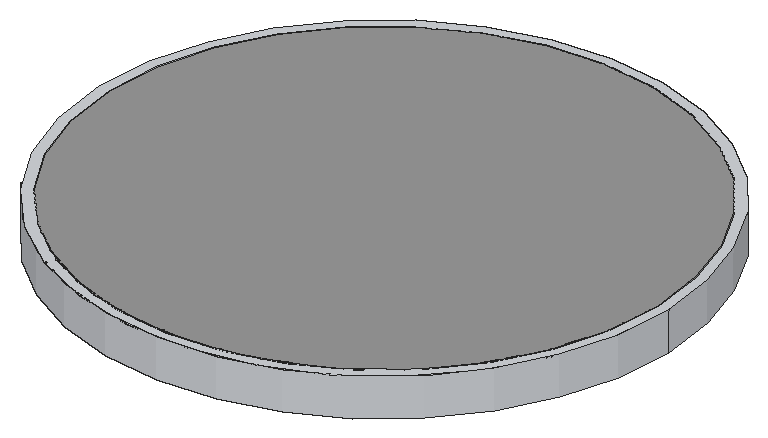
Revit family "2071265", category Lighting Fixtures, host Face, Revit 2018
Family settings
  Host = Face
  Round Connector Dimension = Use Diameter
  Part Type = Normal
  OmniClass Number = 23.80.70.00
  OmniClass Title = Lighting
  Cut with Voids When Loaded = No
  Light Source = Yes
  Shared = No
  Room Calculation Point = No
Parameters (values of type "2071265 COLOSSAL 900 840 OP DIR+H WHT DALI")
  iner diameter = 856 mm
  Weight = "n/a"
  Wattage Comments = ""
  Wattage = 30 W
  WarrantyStartDate [instance] = "n/a"
  WarrantyGuarantorParts = "n/a"
  WarrantyDurationUnit = "n/a"
  WarrantyDurationParts = ""
  WarrantyDescription = "http://www.sylvania-lighting.com"
  built-in parameter 1150110 = 1 (stored number, unit not read)
  Voltage = 230 V
  URL = "0.95"
  TypeName = "COLOSSAL 900mm 840 OPAL DIR+HAL WHITE DALI"
  Type Image = <None>
  Type Comments = "n/a"
  built-in parameter 1114217 = 1 (stored number, unit not read)
  Tilt Angle = -90.00°
  built-in parameter 1150109 = 1 (stored number, unit not read)
  built-in parameter 1150134 = (empty or 0)
  built-in parameter 1150113 = 1 (stored number, unit not read)
  SerialNumber [instance] = "n/a"
  Photometric Web File = "2071265.ies"
  Material_3_SYL = LED-Sylvania
  PowerFactor = 0
  PowerConsumption = "Lighting"
  NominalLength = 888 mm
  NominalHeight = 93 mm
  NominalDepth = 888 mm
  Name = "COLOSSAL 900mm 840 OPAL DIR+HAL WHITE DALI"
  ModelReference = Name  # "COLOSSAL 900mm 840 OPAL DIR+HAL WHITE DALI"
  ModelNumber = "2071265"
  Model = Name  # "COLOSSAL 900mm 840 OPAL DIR+HAL WHITE DALI"
  Material = "Feilo Sylvania"
  ManufacturerName = "144 lm/W"
  Manufacturer = ""
  LuminousEfficacy = ""
  built-in parameter 1150105 = 270.44 (stored number, unit not read)
  Lumens = 3398.4 lm
  LuminaireType = "0"
  built-in parameter 1150115 = 1 (stored number, unit not read)
  LightOutputRatio = "LED"
  built-in parameter 1150137 = (empty or 0)
  built-in parameter 1150139 = (empty or 0)
  LampsType = Lamp  # "n/a"
  LampNominalLuminous = "4000 K"
  LampMacAdamStep = "80"
  LampColourTemperature = "LED"
  LampColourRenderingIndex = "16500"
  built-in parameter 1150112 = 1 (stored number, unit not read)
  built-in parameter 1150114 = 1 (stored number, unit not read)
  Lamp = "n/a"
  Keynote = "n/a"
  InstallationDate [instance] = "n/a"
  InputVoltage = "0"
  InputNominalFrequency = "4000"
  built-in parameter 1150132 = (empty or 0)
  built-in parameter 1150102 = (empty or 0)
  built-in parameter 1150107 = 3000 (stored number, unit not read)
  built-in parameter 1150138 = (empty or 0)
  IngressProtection = "IfcLightFixtureType"
  ImpactProtectionIndex = "IfcLightFixtureType"
  built-in parameter 1150106 = 2.7044 (stored number, unit not read)
  IfcExportType = "IfcLightFixtureType"
  IfcExportAs = "Class I"
  Emit from Circle Diameter = 385 mm
  Emit Shape Visible in Rendering = no
  ElectricShockClassification = "144"
  built-in parameter 1150104 = 10.524 (stored number, unit not read)
  DocumentationLiterature = "http://www.sylvania-lighting.com/product/en-int/products/2071265"
  DimmingControlOptions = "n/a"
  Material_2_SYL = Polycarbonate_Sylvania_White
  Dimming Lamp Color Temperature Shift = <None>
  Description = "900mm diameter circular architectural luminaire, can be surface mounted or suspended. Powder coated aluminium housing (RAL9016) with polycarbonate opal diffuser. Direct/indirect (halo) light distribution, 11025lm luminuous flux, 76.8W system power, 144lm/W luminiaire efficacy. DALI dimmable. Colour rendering index Ra >80, 4000K Neutral White LED, chromaticity tolerance of 3-step MacAdam ellipse. IP40/IP20, IK03. 450mA drive current. Electrical protection Class1, 220-240V. Reported lifetime 66k hours L90B10."
  Default Elevation = 1219.2 mm
  CreatedOn = "23/03/2022"
  CreatedBy = "@sylvania-lighting.com"
  Cost = 0
  Color Filter = 16777215
  built-in parameter 1114216 [instance] = (empty or 0)
  ClassificationValue = "EF_70_80"
  ClassificationName = "Uniclass2015"
  Material_1_SYL = Polycarbonate_Sylvania_Opal
  BarCode [instance] = "n/a"
  built-in parameter 1114218 = 1 (stored number, unit not read)
  built-in parameter 1150133 = 10 (stored number, unit not read)
  AssetType = "Fixed"
  AssetIdentifier [instance] = "n/a"
  Assembly Code = "D5020200"
  Apparent Load = 76.8 VA
  Material_4_SYL = none
Reference planes
  plane 1 "Center (Front/Back)": y = 0
  plane 2: z = 0
  plane 3 "Center (Left/Right)": x = 0
  plane 4: z = 1.161
  plane 5: z = 16.161
  plane 6: x = -444
  plane 7: x = 444
  plane 8: y = 444
  plane 9: y = -444
  plane 10: y = 236
  plane 11: y = -236
  plane 12: x = 85
  plane 13: x = -85
  plane 14: through (0, 0, 1219.2) normal (0.5, 0.866, 0)
  plane 15: through (42.5, 73.612, 1219.2) normal (0.5, 0.866, 0)
  plane 16: through (-42.5, -73.612, 1219.2) normal (0.5, 0.866, 0)
  plane 17: through (0, 0, 1219.2) normal (0.5, -0.866, 0)
  plane 18: through (-42.5, 73.612, 1219.2) normal (0.5, -0.866, 0)
  plane 19: through (42.5, -73.612, 1219.2) normal (0.5, -0.866, 0)
  plane 20: z = 93
  plane 21: y = 428
  plane 22: y = -428
Forms (mm)
  Extrusion 1, solid, detail levels medium+fine
    sketch origin (0, 0, 0) x (0.866025, -0.5, 0) y (0.5, 0.866025, 0)
      loop
        circle (-50, 86.603) r 22
    from 0 to 2
  Extrusion 2, solid, detail levels medium+fine
    sketch origin (0, 0, 0) x (0.866025, -0.5, 0) y (0.5, 0.866025, 0)
      loop
        circle (100, 0) r 22
      loop
        circle (-50, -86.603) r 22
    from 0 to 2
  Blend 3, solid, detail levels medium+fine
    base sketch origin (0, 0, 0) x (1, 0, 0) y (0, 1, 0)
      loop
        line (-85, 236) -> (-246.882, -44.388) -> (-161.882, -191.612) -> (161.882, -191.612) -> (246.882, -44.388) -> (85, 236) -> (-85, 236)
    top sketch origin (0, 0, 0) x (1, 0, 0) y (0, 1, 0)
      loop
        line (-85, 283.076) -> (-287.651, -67.926) -> (-207.792, -218.119) -> (207.792, -218.119) -> (292.5, -71.401) -> (85, 283.076) -> (-85, 283.076)
    from 0 to 33.022
  Extrusion 4, solid, detail levels medium+fine
    sketch origin (0, 0, 0) x (1, 0, 0) y (0, 1, 0)
      loop
        circle (0, 0) r 444
    from 33.022 to 93
  Extrusion 5, void
    sketch origin (0, 0, 0) x (1, 0, 0) y (0, 1, 0)
      loop
        circle (0, 0) r 428
    from 96.588 to 37.292
  Extrusion 6, solid, material "Glass, White, High Luminance", detail levels fine
    sketch origin (0, 0, 0) x (1, 0, 0) y (0, 1, 0)
      loop
        circle (0, 0) r 428
    from 87.991 to 93
  Extrusion 7, solid, detail levels coarse
    sketch origin (0, 0, 0) x (1, 0, 0) y (0, 1, 0)
      loop
        line (-444, 444) -> (-444, -444) -> (444, -444) -> (444, 444) -> (-444, 444)
    from 0 to 93.648
Cuts and joins
  Extrusion 5 cuts Extrusion 1
  Extrusion 5 cuts Extrusion 2
  Extrusion 5 cuts Blend 3
  Extrusion 5 cuts Extrusion 4
Lines and regions (mm)
  model lines, detail levels medium+fine
    curve 1: circle (0, 0, 0) r 100 normal (0, 0, 1)
Dimensions and locks
  "NominalDepth": plane 8 to plane 9
  plane 8 to plane 1 "Center (Front/Back)" to plane 9 = 444 mm, 444 mm
  "NominalLength": plane 6 to plane 7
  equal spacing: plane 6, plane 3 "Center (Left/Right)", plane 7
  "NominalHeight": level to plane 20
  "iner diameter": plane 21 to plane 22
  equal spacing: plane 21, plane 1 "Center (Front/Back)", plane 22
  aligned and locked: plane 2 to host face
  aligned and locked: level to host face
Automatic sketch dimensions
  host sketch curve to host sketch curve = 2438.4 mm  (x2)
  Extrusion 1 sketch curve to plane 3 "Center (Left/Right)" = 0 mm
  Extrusion 1 sketch curve to plane 1 "Center (Front/Back)" = 100 mm
  plane 1 "Center (Front/Back)" to Extrusion 2 sketch curve = 50 mm
  Extrusion 2 sketch curve to plane 3 "Center (Left/Right)" = 86.603 mm
  Extrusion 2 sketch curve to Extrusion 2 sketch curve = 150 mm
  Extrusion 2 sketch curve to Extrusion 2 sketch curve = 86.603 mm
  plane 1 "Center (Front/Back)" to curve 1 = 0 mm
  curve 1 to plane 3 "Center (Left/Right)" = 0 mm
  plane 18 to Blend 3 sketch curve = 0 mm  (x2)
  plane 19 to Blend 3 sketch curve = 0 mm  (x2)
  Blend 3 sketch curve to plane 10 = 0 mm
  Blend 3 sketch curve to plane 13 = 0 mm  (x2)
  Blend 3 sketch curve to plane 12 = 0 mm  (x2)
  Blend 3 sketch curve to plane 16 = 0 mm  (x2)
  Blend 3 sketch curve to plane 15 = 0 mm
  plane 11 to Blend 3 sketch curve = 44.388 mm
  plane 1 "Center (Front/Back)" to Blend 3 sketch curve = 44.388 mm  (x2)
  plane 11 to Blend 3 sketch curve = 17.881 mm
  plane 1 "Center (Front/Back)" to Blend 3 sketch curve = 67.926 mm
  plane 1 "Center (Front/Back)" to Blend 3 sketch curve = 71.401 mm
  Blend 3 sketch curve to plane 7 = 151.5 mm
  plane 10 to Blend 3 sketch curve = 47.076 mm
  plane 1 "Center (Front/Back)" to Extrusion 4 sketch curve = 0 mm
  Extrusion 4 sketch curve to plane 3 "Center (Left/Right)" = 0 mm
  plane 1 "Center (Front/Back)" to Extrusion 5 sketch curve = 0 mm
  Extrusion 5 sketch curve to plane 3 "Center (Left/Right)" = 0 mm
  plane 1 "Center (Front/Back)" to Extrusion 6 sketch curve = 0 mm
  Extrusion 6 sketch curve to plane 3 "Center (Left/Right)" = 0 mm
  Extrusion 7 sketch curve to plane 6 = 0 mm
  Extrusion 7 sketch curve to plane 7 = 0 mm
  Extrusion 7 sketch curve to plane 9 = 0 mm
  Extrusion 7 sketch curve to plane 8 = 0 mm
  radius of Extrusion 1 sketch curve = 22 mm
  radius of Extrusion 2 sketch curve = 22 mm  (x2)
  radius of curve 1 = 100 mm
  radius of Extrusion 4 sketch curve = 444 mm
  radius of Extrusion 5 sketch curve = 428 mm
  radius of Extrusion 6 sketch curve = 428 mm
Connectors
  electrical at (0, 0, 0), driven by "Apparent Load", driven by "PowerFactor", driven by "Voltage"
    settings: index 1, voltage 230 V, apparent load 76.8 VA, apparent load phase1 0 VA, apparent load phase2 0 VA, apparent load phase3 0 VA, power factor 0, load classification "Lighting", number of poles 1, system type 30, power factor state 1, is connector primary yes, connector utility no, sub classification motor no, connector description ""
